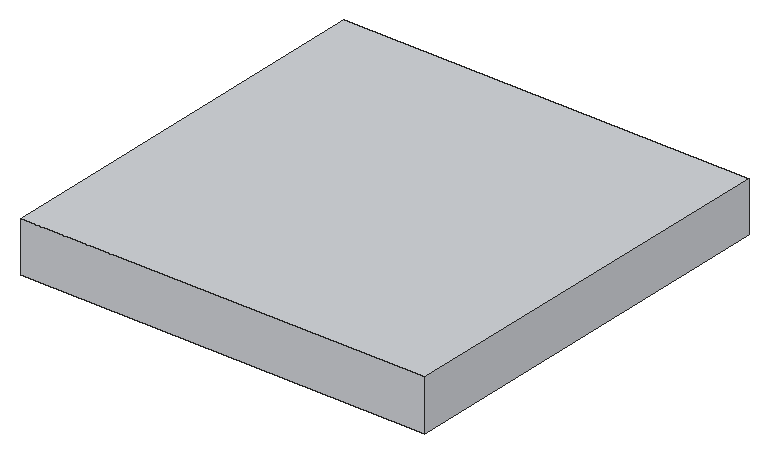
Revit family "XXX_FMI_Rettungswegsteuerung", category Sicherheitsgeräte, Revit 2015
Parameters (values of type "Tür mit RWS")
  Tür mit RWS = yes
  Nottaster mit Schlüsselschalter = no
  Kurzzeichen = "2"
  Schlüsselschalter = no
  Breite = Länge  # 80 mm
  Radius = Durchmesser * 0.5  # 35 mm
  Material = none
  Länge = 80 mm
  Durchmesser = 70 mm
  Tiefe = 65 mm
  Vorgabe-Ansicht = 300 mm
  Beschriftung = "RWS"
Types (3, lengths in mm): name | Tür mit RWS | Nottaster mit Schlüsselschalter | Schlüsselschalter | Beschriftung
  Tür mit RWS | yes | no | no | "RWS"
  Nottaster mit Schlüsselschalter | no | yes | no | "RWS"
  Schlüsselschalter | no | no | yes | "S"
Reference planes
  plane 1 "Mitte (Vorne/Hinten)": y = 0
  plane 2: z = 0
  plane 3 "Mitte (Links/Rechts)": x = 0
  plane 4: z = 7
  plane 5: z = -65
  plane 6: x = -40
  plane 7: x = 40
  plane 8: y = 40
  plane 9: y = -40
Forms (mm)
  Extrusion 1, solid
    sketch origin (0, 0, 0) x (1, 0, 0) y (0, 1, 0)
      loop
        line (-1219.2, 1219.2) -> (-1219.2, -1219.2) -> (1219.2, -1219.2) -> (1219.2, 1219.2) -> (-1219.2, 1219.2)
    from 0 to -304.8
  Extrusion 2, solid, material <- "Material", not visible
    sketch origin (0, 0, 0) x (1, 0, 0) y (0, 1, 0)
      loop
        line (-40, 40) -> (-40, -40) -> (40, -40) -> (40, 40) -> (-40, 40)
    from 0 to 7
Lines and regions (mm)
  symbolic lines, detail levels fine
    curve 1: line (-40, 0, 7) -> (40, 0, 7)
    curve 2: line (-40, 0, 0) -> (-40, 0, 7)
    curve 3: line (40, 0, 0) -> (-40, 0, 0)
    curve 4: line (40, 0, 7) -> (40, 0, 0)
    curve 5: line (-35, 0, -65) -> (-35, 0, 0)
    curve 6: line (35, 0, -65) -> (-35, 0, -65)
    curve 7: line (35, 0, 0) -> (35, 0, -65)
Dimensions and locks
  locked: plane 4 to plane 2 at 7
  "Tiefe": plane 2 to plane 5
  equal spacing: plane 6, plane 3 "Mitte (Links/Rechts)", plane 7
  "Länge": plane 6 to plane 7
  equal spacing: plane 8, plane 1 "Mitte (Vorne/Hinten)", plane 9
  "Breite": plane 8 to plane 9
  aligned and locked: plane 2 to Extrusion 1
  aligned and locked: level to Extrusion 1
  aligned and locked: Extrusion 2 sketch curve to plane 8
  aligned and locked: plane 6 to Extrusion 2 sketch curve
  aligned and locked: plane 9 to Extrusion 2 sketch curve
  aligned and locked: Extrusion 2 sketch curve to plane 7
  aligned and locked: Extrusion 2 to plane 2
  aligned and locked: plane 4 to Extrusion 2
  aligned and locked: plane 2 to curve 3
  aligned and locked: curve 1 to plane 4
  aligned and locked: curve 4 to plane 7
  aligned and locked: plane 6 to curve 2
  aligned and locked: plane 2 to curve 7
  aligned and locked: plane 5 to curve 6
Automatic sketch dimensions
  Extrusion 1 sketch curve to Extrusion 1 sketch curve = 2438.4 mm  (x2)
  plane 6 to curve 5 = 5 mm
  curve 7 to plane 7 = 5 mm
Nested families
  nested 1: "Türampel" at (0, 0, 0), visible <- "Nottaster mit Schlüsselschalter", type "Türampel"
  nested 2: "Quadrat Beschriftung" at (4.138, 0, 0), visible <- "Schlüsselschalter", type "Quadrat Beschriftung"
  nested 3: "Rechteck Beschriftung" at (-5.624, 0, 0), visible <- "Tür mit RWS", type "Rechteck Beschriftung"
Definition of nested family "Türampel"
  Parameters
    Beschriftung unten = ""
    Beschriftung oben = ""
  Reference planes
    plane 1: y = 0
    plane 2: x = 0
  Lines and regions (mm)
    detail lines
      curve 1: line (-2, -3.5, 0) -> (2, -3.5, 0)
      curve 2: line (-2, 3.5, 0) -> (-2, -3.5, 0)
      curve 3: line (2, 3.5, 0) -> (-2, 3.5, 0)
      curve 4: line (2, -3.5, 0) -> (2, 3.5, 0)
      curve 5: circle (0, 1.647, 0) r 1.248 normal (0, 0, 1)
      curve 6: circle (0, -1.765, 0) r 1.248 normal (0, 0, 1)
  Text (mm)
    label "N\n\nS" at (0.005, 0.01, 0), shows "Beschriftung oben", "Beschriftung unten"
Definition of nested family "Quadrat Beschriftung"
  Parameters
    Beschriftung = "S"
  Reference planes
    plane 1: y = 0
    plane 2: x = 0
  Lines and regions (mm)
    detail lines
      curve 1: line (-2, -2, 0) -> (2, -2, 0)
      curve 2: line (-2, 2, 0) -> (-2, -2, 0)
      curve 3: line (2, 2, 0) -> (-2, 2, 0)
      curve 4: line (2, -2, 0) -> (2, 2, 0)
      curve 5: circle (0, 0, 0) r 1.6 normal (0, 0, 1)
  Text (mm)
    label "XX" at (0.01, 0, 0), shows "Beschriftung"
Definition of nested family "Rechteck Beschriftung"
  Parameters
    Beschriftung = "RWS"
  Reference planes
    plane 1: y = 0
    plane 2: x = 0
  Lines and regions (mm)
    detail lines
      curve 1: line (-3.5, -2, 0) -> (3.5, -2, 0)
      curve 2: line (-3.5, 2, 0) -> (-3.5, -2, 0)
      curve 3: line (3.5, 2, 0) -> (-3.5, 2, 0)
      curve 4: line (3.5, -2, 0) -> (3.5, 2, 0)
  Text (mm)
    label "XX" at (0.01, 0, 0), shows "Beschriftung"
